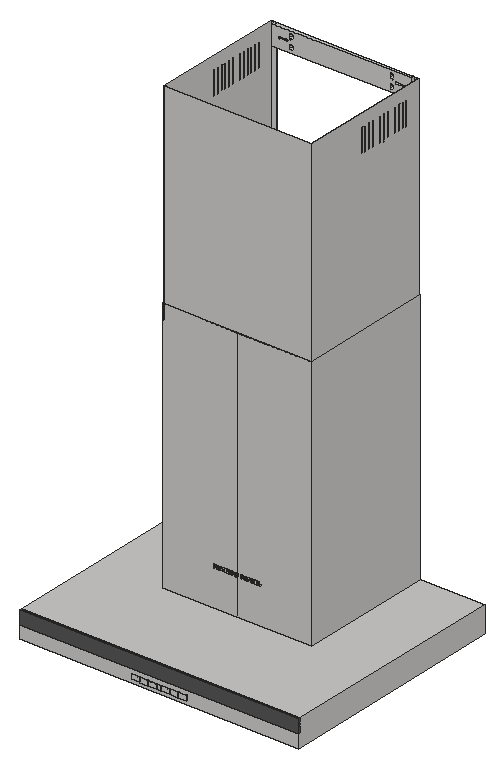
Revit family "FP_Revit_18_HC24DTXB2_N_Rangehood_90001869A", category Specialty Equipment, Revit 2018
Family settings
  Round Connector Dimension = Use Diameter
  Part Type = Normal
  OmniClass Number = 23.40.40.00
  OmniClass Title = Food Service Equipment and Furnishings
  Work Plane-Based = No
  Always vertical = Yes
  Cut with Voids When Loaded = Yes
  Shared = No
  Room Calculation Point = No
Parameters
  Visibility - Upper Chimney Extension [instance] = yes
  URL = "www.fisherpaykel.com"
  Product - Width = 598 mm  # constant formula
  Product - Height (635mm - 1022mm) Ducted [instance] = 1022 mm
  Product - Depth = 500 mm  # constant formula
  Model = "HC24DTXB2_N"
  Material - Display Panel = Fisher & Paykel - Glass, Black
  Material - Body = Fisher & Paykel - Stainless Steel
  Manufacturer = "Fisher & Paykel Appliances"
  FFL Offset [instance] = 1565 mm
  Description = "24\" Rangehood"
  Connector Description - Extraction = "6” (152 mm) diameter, rigid or semi-rigid ducting, 600 CFM"
  Connector Description - Electrical = "120 V, 60 Hz, 543 W"
  Chassis - Width = 320 mm  # constant formula
  Chassis - Height = 604 mm  # constant formula
  Chassis - Depth = 291 mm  # constant formula
Reference planes
  plane 1 "Datum": y = 0
  plane 2: z = 0
  plane 3 "Center (Left/Right)": x = 0
  plane 4 "Product LHS": x = -299
  plane 5 "Product RHS": x = 299
  plane 6 "Product - Depth": y = -500
  plane 7 "Cavity LHS": x = -160
  plane 8 "Cavity RHS": x = 160
  plane 9 "Chassis - Depth": y = -291
  plane 10 "FFL Offset": z = 1565
  plane 11 "Product - Height": z = 2587
Forms (mm)
  Extrusion 1, solid, material "Fisher & Paykel - Stainless Steel" <- "Material - Body"
    sketch origin (0, 0, 0) x (1, 0, 0) y (0, 1, 0)
      loop
        line (-145, 0) -> (-160, 0) -> (-160, -291) -> (0, -291) -> (160, -291) -> (160, 0) -> (145, 0) -> (145, -1) -> (159, -1) -> (159, -290) -> (-159, -290) -> (-159, -1) -> (-145, -1) -> (-145, 0)
    from 1621 to 2169
  Extrusion 2, solid, material "Fisher & Paykel - Stainless Steel" <- "Material - Body", visible <- "Visibility - Upper Chimney Extension"
    sketch origin (0, 0, 0) x (1, 0, 0) y (0, 1, 0)
      loop
        line (-158, -3) -> (-145, -3) -> (-145, -2) -> (-159, -2) -> (-159, -290) -> (159, -290) -> (159, -2) -> (145, -2) -> (145, -3) -> (158, -3) -> (158, -289.044) -> (-158, -289.044) -> (-158, -3)
    from 2136 to 2587
  Extrusion 3, solid, material "Fisher & Paykel - Stainless Steel" <- "Material - Body"
    sketch origin (0, 0, 0) x (1, 0, 0) y (0, 1, 0)
      loop
        line (-299, 0) -> (-299, -500) -> (299, -500) -> (299, 0) -> (-299, 0)
    from 1565 to 1621
  Extrusion 4, void
    sketch origin (0, 0, 0) x (0, 1, 0) y (0, 0, 1)
      loop
        line (-500, 1621) -> (-500, 1592.5) -> (-495, 1592.5) -> (-495, 1621) -> (-500, 1621)
    from -299 to 299
  Extrusion 5, solid, material "Fisher & Paykel - Glass, Black" <- "Material - Display Panel", detail levels fine
    sketch origin (0, 0, 1000) x (0, 1, 0) y (0, 0, 1)
      loop
        line (-495, 592.5) -> (-495, 621) -> (-500, 621) -> (-500, 592.5) -> (-495, 592.5)
    from -299 to 299
  Extrusion 6, solid, material "Fisher & Paykel - Stainless Steel" <- "Material - Body"
    sketch origin (0, 0, 0) x (1, 0, 0) y (0, 1, 0)
      loop
        line (159, -1) -> (-159, -1) -> (-159, -290) -> (159, -290) -> (159, -1)
    from 1621 to 1844.3
  Extrusion 7, solid, material "Fisher & Paykel - Stainless Steel" <- "Material - Body"
    sketch origin (0, 0, 0) x (1, 0, 0) y (0, 1, 0)
      loop
        circle (0, -83.502) r 73.896
      loop
        circle (0, -83.502) r 75.04
    from 1844.3 to 1921.3
  Extrusion 8, solid, material "Fisher & Paykel - Stainless Steel" <- "Material - Body"
    sketch origin (0, 0, 0) x (1, 0, 0) y (0, 0, 1)
      loop
        line (-145, 1857) -> (-145, 1833) -> (145, 1833) -> (145, 1857) -> (-145, 1857)
      loop
        line (-127.5, 1848) -> (-127.5, 1846.33)
        arc (-127.5, 1846.33) -> (-125, 1837) -> (-122.5, 1846.33) r 5
        line (-122.5, 1846.33) -> (-122.5, 1848)
        arc (-122.5, 1848) -> (-125, 1850.5) -> (-127.5, 1848) r 2.5
      loop
        line (122.5, 1848) -> (122.5, 1846.33)
        arc (122.5, 1846.33) -> (125, 1837) -> (127.5, 1846.33) r 5
        line (127.5, 1846.33) -> (127.5, 1848)
        arc (127.5, 1848) -> (125, 1850.5) -> (122.5, 1848) r 2.5
    from 0 to 2
  Extrusion 9, solid, material "Fisher & Paykel - Stainless Steel" <- "Material - Body", visible <- "Visibility - Upper Chimney Extension"
    sketch origin (0, 0, 0) x (1, 0, 0) y (0, 0, 1)
      loop
        line (-150, 2544.811) -> (150, 2544.811) -> (150, 2587) -> (-150, 2587) -> (-150, 2544.811)
      loop
        line (104, 2578.5) -> (104, 2574.5)
        arc (104, 2574.5) -> (108, 2570.5) -> (112, 2574.5) r 4
        line (112, 2574.5) -> (112, 2578.5)
        arc (112, 2578.5) -> (108, 2582.5) -> (104, 2578.5) r 4
      loop
        arc (112, 2557.5) -> (108, 2561.5) -> (104, 2557.5) r 4
        line (104, 2557.5) -> (104, 2552.794)
        arc (104, 2552.794) -> (108, 2549.544) -> (112, 2552.794) r 4.087
        line (112, 2552.794) -> (112, 2557.5)
      loop
        arc (117.5, 2568.5) -> (115, 2566) -> (117.5, 2563.5) r 2.5
        line (117.5, 2563.5) -> (132.5, 2563.5)
        arc (132.5, 2563.5) -> (135, 2566) -> (132.5, 2568.5) r 2.5
        line (132.5, 2568.5) -> (117.5, 2568.5)
      loop
        arc (-104, 2578.5) -> (-108, 2582.5) -> (-112, 2578.5) r 4
        line (-112, 2578.5) -> (-112, 2574.5)
        arc (-112, 2574.5) -> (-108, 2570.5) -> (-104, 2574.5) r 4
        line (-104, 2574.5) -> (-104, 2578.5)
      loop
        line (-112, 2557.5) -> (-112, 2552.794)
        arc (-112, 2552.794) -> (-108, 2549.544) -> (-104, 2552.794) r 4.087
        line (-104, 2552.794) -> (-104, 2557.5)
        arc (-104, 2557.5) -> (-108, 2561.5) -> (-112, 2557.5) r 4
      loop
        line (-117.5, 2568.5) -> (-132.5, 2568.5)
        arc (-132.5, 2568.5) -> (-135, 2566) -> (-132.5, 2563.5) r 2.5
        line (-132.5, 2563.5) -> (-117.5, 2563.5)
        arc (-117.5, 2563.5) -> (-115, 2566) -> (-117.5, 2568.5) r 2.5
    from 3 to 9
  Extrusion 10, void
    sketch origin (0, 0, 0) x (0, 1, 0) y (0, 0, 1)
      loop
        line (-158, 2559.5) -> (-158, 2509.5)
        arc (-158, 2509.5) -> (-155.5, 2507) -> (-153, 2509.5) r 2.5
        line (-153, 2509.5) -> (-153, 2559.5)
        arc (-153, 2559.5) -> (-155.5, 2562) -> (-158, 2559.5) r 2.5
      loop
        line (-148, 2559.5) -> (-148, 2509.5)
        arc (-148, 2509.5) -> (-145.5, 2507) -> (-143, 2509.5) r 2.5
        line (-143, 2509.5) -> (-143, 2559.5)
        arc (-143, 2559.5) -> (-145.5, 2562) -> (-148, 2559.5) r 2.5
      loop
        line (-138, 2559.5) -> (-138, 2509.5)
        arc (-138, 2509.5) -> (-135.5, 2507) -> (-133, 2509.5) r 2.5
        line (-133, 2509.5) -> (-133, 2559.5)
        arc (-133, 2559.5) -> (-135.5, 2562) -> (-138, 2559.5) r 2.5
      loop
        line (-128, 2559.5) -> (-128, 2509.5)
        arc (-128, 2509.5) -> (-125.5, 2507) -> (-123, 2509.5) r 2.5
        line (-123, 2509.5) -> (-123, 2559.5)
        arc (-123, 2559.5) -> (-125.5, 2562) -> (-128, 2559.5) r 2.5
      loop
        line (-118, 2559.5) -> (-118, 2509.5)
        arc (-118, 2509.5) -> (-115.5, 2507) -> (-113, 2509.5) r 2.5
        line (-113, 2509.5) -> (-113, 2559.5)
        arc (-113, 2559.5) -> (-115.5, 2562) -> (-118, 2559.5) r 2.5
      loop
        line (-108, 2559.5) -> (-108, 2509.5)
        arc (-108, 2509.5) -> (-105.5, 2507) -> (-103, 2509.5) r 2.5
        line (-103, 2509.5) -> (-103, 2559.5)
        arc (-103, 2559.5) -> (-105.5, 2562) -> (-108, 2559.5) r 2.5
      loop
        line (-98, 2559.5) -> (-98, 2509.5)
        arc (-98, 2509.5) -> (-95.5, 2507) -> (-93, 2509.5) r 2.5
        line (-93, 2509.5) -> (-93, 2559.5)
        arc (-93, 2559.5) -> (-95.5, 2562) -> (-98, 2559.5) r 2.5
      loop
        line (-88, 2559.5) -> (-88, 2509.5)
        arc (-88, 2509.5) -> (-85.5, 2507) -> (-83, 2509.5) r 2.5
        line (-83, 2509.5) -> (-83, 2559.5)
        arc (-83, 2559.5) -> (-85.5, 2562) -> (-88, 2559.5) r 2.5
      loop
        line (-78, 2559.5) -> (-78, 2509.5)
        arc (-78, 2509.5) -> (-75.5, 2507) -> (-73, 2509.5) r 2.5
        line (-73, 2509.5) -> (-73, 2559.5)
        arc (-73, 2559.5) -> (-75.5, 2562) -> (-78, 2559.5) r 2.5
      loop
        line (-68, 2559.5) -> (-68, 2509.5)
        arc (-68, 2509.5) -> (-65.5, 2507) -> (-63, 2509.5) r 2.5
        line (-63, 2509.5) -> (-63, 2559.5)
        arc (-63, 2559.5) -> (-65.5, 2562) -> (-68, 2559.5) r 2.5
      loop
        line (-58, 2559.5) -> (-58, 2509.5)
        arc (-58, 2509.5) -> (-55.5, 2507) -> (-53, 2509.5) r 2.5
        line (-53, 2509.5) -> (-53, 2559.5)
        arc (-53, 2559.5) -> (-55.5, 2562) -> (-58, 2559.5) r 2.5
      loop
        line (-48, 2559.5) -> (-48, 2509.5)
        arc (-48, 2509.5) -> (-45.5, 2507) -> (-43, 2509.5) r 2.5
        line (-43, 2509.5) -> (-43, 2559.5)
        arc (-43, 2559.5) -> (-45.5, 2562) -> (-48, 2559.5) r 2.5
      loop
        line (-38, 2559.5) -> (-38, 2509.5)
        arc (-38, 2509.5) -> (-35.5, 2507) -> (-33, 2509.5) r 2.5
        line (-33, 2509.5) -> (-33, 2559.5)
        arc (-33, 2559.5) -> (-35.5, 2562) -> (-38, 2559.5) r 2.5
    from -159 to 159
  Extrusion 11, solid, material "Fisher & Paykel - Stainless Steel" <- "Material - Body", detail levels fine
    sketch origin (0, 0, 1000) x (1, 0, 0) y (0, 0, 1)
      loop
        line (-59, 583) -> (-59, 573) -> (-41.5, 573) -> (-41.5, 583) -> (-59, 583)
      loop
        line (-41, 583) -> (-41, 573) -> (-23.5, 573) -> (-23.5, 583) -> (-41, 583)
      loop
        line (-23, 583) -> (-23, 573) -> (-5.5, 573) -> (-5.5, 583) -> (-23, 583)
      loop
        line (-5, 583) -> (-5, 573) -> (5, 573) -> (5, 583) -> (-5, 583)
      loop
        line (59, 583) -> (41.5, 583) -> (41.5, 573) -> (59, 573) -> (59, 583)
      loop
        line (41, 583) -> (23.5, 583) -> (23.5, 573) -> (41, 573) -> (41, 583)
      loop
        line (23, 583) -> (5.5, 583) -> (5.5, 573) -> (23, 573) -> (23, 583)
    from 500 to 501
  Extrusion 12, solid, material "Fisher & Paykel - Stainless Steel" <- "Material - Body"
    sketch origin (0, 0, 0) x (1, 0, 0) y (0, 0, 1)
      loop
        line (145, 2131) -> (-145, 2131) -> (-145, 2091) -> (145, 2091) -> (145, 2131)
      loop
        line (125, 2113.5) -> (110, 2113.5)
        arc (110, 2113.5) -> (107.5, 2111) -> (110, 2108.5) r 2.5
        line (110, 2108.5) -> (125, 2108.5)
        arc (125, 2108.5) -> (127.5, 2111) -> (125, 2113.5) r 2.5
      loop
        arc (-125, 2113.5) -> (-127.5, 2111) -> (-125, 2108.5) r 2.5
        line (-125, 2108.5) -> (-110, 2108.5)
        arc (-110, 2108.5) -> (-107.5, 2111) -> (-110, 2113.5) r 2.5
        line (-110, 2113.5) -> (-125, 2113.5)
    from 2 to 9
  Extrusion 13, solid, material "Fisher & Paykel - Stainless Steel" <- "Material - Body"
    sketch origin (0, 0, 0) x (1, 0, 0) y (0, 0, 1)
      loop
        line (107.5, 1844.3) -> (108.5, 1844.3) -> (108.5, 1970.3) -> (66.5, 1970.3) -> (66.5, 1880.3) -> (107.5, 1880.3) -> (107.5, 1844.3)
    from 126.369 to 163.604
  Extrusion 14, solid, material "Fisher & Paykel - Stainless Steel" <- "Material - Body"
    sketch origin (0, 0, 0) x (1, 0, 0) y (0, 1, 0)
      loop
        circle (87.5, -146) r 6.01
      loop
        circle (87.5, -146) r 12.005
    from 1970.3 to 1972.3
  Extrusion 15, void
    sketch origin (0, 0, 0) x (1, 0, 0) y (0, 1, 0)
      loop
        line (-259, -402) -> (261, -402) -> (261, -80) -> (-259, -80) -> (-259, -402)
      loop
        circle (-133, -48) r 25
      loop
        circle (133, -48) r 25
    from 1565 to 1574
  Extrusion 16, solid, material "Fisher & Paykel - Stainless Steel" <- "Material - Body", detail levels fine
    sketch origin (0, 0, 0) x (1, 0, 0) y (0, 1, 0)
      loop
        line (259, -81.5) -> (0.5, -81.5) -> (0.5, -400.5) -> (259, -400.5) -> (259, -81.5)
      loop
        line (11.5, -390) -> (111.5, -390) -> (111.5, -346.5) -> (148.5, -346.5) -> (148.5, -390) -> (248.5, -390) -> (248.5, -92) -> (11.5, -92) -> (11.5, -390)
      loop
        line (140.5, -352.5) -> (119.5, -352.5) -> (119.5, -390) -> (140.5, -390) -> (140.5, -352.5)
      loop
        line (-259, -81.5) -> (-259, -400.5) -> (-0.5, -400.5) -> (-0.5, -81.5) -> (-259, -81.5)
      loop
        line (-11.5, -390) -> (-11.5, -92) -> (-248.5, -92) -> (-248.5, -390) -> (-148.5, -390) -> (-148.5, -346.5) -> (-111.5, -346.5) -> (-111.5, -390) -> (-11.5, -390)
      loop
        line (-140.5, -352.5) -> (-140.5, -390) -> (-119.5, -390) -> (-119.5, -352.5) -> (-140.5, -352.5)
    from 1565 to 1574
  Extrusion 17, solid, material "Fisher & Paykel - Aluminium", detail levels medium+fine
    sketch origin (0, 0, 0) x (1, 0, 0) y (0, 1, 0)
      loop
        line (248.5, -92) -> (11.5, -92) -> (11.5, -390) -> (111.5, -390) -> (111.5, -346.5) -> (148.5, -346.5) -> (148.5, -390) -> (248.5, -390) -> (248.5, -92)
      loop
        line (-248.5, -92) -> (-248.5, -390) -> (-148.5, -390) -> (-148.5, -346.5) -> (-111.5, -346.5) -> (-111.5, -390) -> (-11.5, -390) -> (-11.5, -92) -> (-248.5, -92)
    from 1565 to 1574
  Extrusion 18, solid, material "Fisher & Paykel - Bezel White", detail levels fine
    sketch origin (0, 0, 0) x (1, 0, 0) y (0, 1, 0)
      loop
        circle (-133, -48) r 22
      loop
        circle (133, -48) r 22
    from 1565 to 1574
  Extrusion 19, void
    sketch origin (0, 0, 0) x (1, 0, 0) y (0, 0, 1)
      loop
        circle (167, 1588) r 2.5
      loop
        circle (151.014, 2092) r 3.5
      loop
        circle (-167, 1588) r 2.5
      loop
        circle (-151.014, 2092) r 3.5
    from 0 to 7
  Extrusion 20, solid, material "Fisher & Paykel - Stainless Steel" <- "Material - Body", detail levels fine
    sketch origin (0, 0, 0) x (1, 0, 0) y (0, 1, 0)
      loop
        circle (-133, -48) r 25
      loop
        circle (-133, -48) r 22
      loop
        circle (133, -48) r 25
      loop
        circle (133, -48) r 22
    from 1565 to 1574
Cuts and joins
  Extrusion 4, Extrusion 15, Extrusion 19 cuts Extrusion 3
  Extrusion 10 cuts Extrusion 2
  Extrusion 19 cuts Extrusion 1
Text (mm)
  text "Due to ongoing product development, product details are subject to change without notice. \nPlease always refer to www.fisherpaykel.com for the most current product information. \n© Fisher & Paykel 2020" at (41.04, -1225.549, 0), in view "Ref. Level (Plan)"
Dimensions and locks
  equal spacing: plane 4 "Product LHS", plane 3 "Center (Left/Right)", plane 5 "Product RHS"
  "Product - Width": plane 4 "Product LHS" to plane 5 "Product RHS"
  equal spacing: plane 7 "Cavity LHS", plane 3 "Center (Left/Right)", plane 8 "Cavity RHS"
  "Chassis - Width": plane 7 "Cavity LHS" to plane 8 "Cavity RHS"
  locked: Extrusion 1 sketch curve to Extrusion 1 sketch curve at 1  (x3)
  locked: Extrusion 2 to Extrusion 2 at 451
  "Product - Depth": plane 6 "Product - Depth" to plane 1 "Datum"
  "FFL Offset": plane 10 "FFL Offset" to level
  "Chassis - Height": Extrusion 1 to plane 10 "FFL Offset"
  locked: Extrusion 7 to plane 10 "FFL Offset" at 356.3
  locked: cut or joined group of Extrusion 3, Extrusion 4, Extrusion 15, Extrusion 19 to plane 10 "FFL Offset" at 56
  cut or joined group of Extrusion 3, Extrusion 4, Extrusion 15, Extrusion 19 to Extrusion 13 sketch curve = 259.3 mm
  cut or joined group of Extrusion 3, Extrusion 4, Extrusion 15, Extrusion 19 to Extrusion 13 sketch curve = 349.3 mm
  locked: cut or joined group of Extrusion 3, Extrusion 4, Extrusion 15, Extrusion 19 to plane 10 "FFL Offset" at 9
  locked: Extrusion 14 to plane 10 "FFL Offset" at 407.3
  locked: Extrusion 5 to plane 10 "FFL Offset" at 27.5
  locked: plane 10 "FFL Offset" to nested 1 at 134.155
  locked: Extrusion 11 to plane 10 "FFL Offset" at 8
  locked: Extrusion 11 to plane 10 "FFL Offset" at 18
  locked: plane 10 "FFL Offset" to cut or joined group of Extrusion 3, Extrusion 4, Extrusion 15, Extrusion 19 at 23
  locked: plane 10 "FFL Offset" to cut or joined group of Extrusion 1, Extrusion 19 at 527
  locked: Extrusion 6 to plane 10 "FFL Offset" at 279.3
  locked: Extrusion 13 to plane 10 "FFL Offset" at 405.3
  locked: plane 10 "FFL Offset" to Extrusion 12 at 526
  locked: plane 10 "FFL Offset" to Extrusion 12 at 566
  "Product - Height (635mm - 1022mm) Ducted": plane 11 "Product - Height" to plane 10 "FFL Offset"
  locked: plane 11 "Product - Height" to Extrusion 10 sketch curve at 27.5
  locked: plane 11 "Product - Height" to Extrusion 10 sketch curve at 77.5
  locked: Extrusion 9 sketch curve to plane 11 "Product - Height" at 42.189
  locked: Extrusion 9 sketch curve to plane 11 "Product - Height" at 21
  "Chassis - Depth": plane 1 "Datum" to plane 9 "Chassis - Depth"
  aligned and locked: level to plane 2
  aligned and locked: Extrusion 1 sketch curve to plane 7 "Cavity LHS"
  aligned and locked: plane 8 "Cavity RHS" to Extrusion 1 sketch curve
  aligned and locked: plane 1 "Datum" to Extrusion 1 sketch curve  (x2)
  aligned and locked: plane 9 "Chassis - Depth" to Extrusion 1 sketch curve
  aligned and locked: plane 5 "Product RHS" to Extrusion 3 sketch curve
  aligned and locked: plane 1 "Datum" to Extrusion 3 sketch curve
  aligned and locked: Extrusion 3 sketch curve to plane 4 "Product LHS"
  aligned and locked: plane 6 "Product - Depth" to Extrusion 3 sketch curve
  aligned and locked: plane 6 "Product - Depth" to Extrusion 4 sketch curve
  aligned and locked: Extrusion 4 sketch curve to cut or joined group of Extrusion 3, Extrusion 4, Extrusion 15, Extrusion 19
  aligned and locked: Extrusion 4 to plane 5 "Product RHS"
  aligned and locked: plane 4 "Product LHS" to Extrusion 4
  aligned and locked: cut or joined group of Extrusion 3, Extrusion 4, Extrusion 15, Extrusion 19 to Extrusion 5
  aligned and locked: Extrusion 5 to cut or joined group of Extrusion 3, Extrusion 4, Extrusion 15, Extrusion 19
  aligned and locked: Extrusion 1 to Extrusion 6
  aligned and locked: Extrusion 7 to Extrusion 6
  aligned and locked: Extrusion 10 to Extrusion 1  (x2)
  aligned and locked: plane 6 "Product - Depth" to Extrusion 11
  aligned and locked: Extrusion 9 sketch curve to Extrusion 9 sketch curve
  aligned and locked: Extrusion 3 to plane 10 "FFL Offset"
  aligned and locked: Extrusion 6 to cut or joined group of Extrusion 3, Extrusion 4, Extrusion 15, Extrusion 19
  aligned and locked: Extrusion 13 sketch curve to Extrusion 6
  aligned and locked: Extrusion 3 to Extrusion 15
  aligned and locked: cut or joined group of Extrusion 3, Extrusion 4, Extrusion 15, Extrusion 19 to Extrusion 16  (x2)
  aligned and locked: cut or joined group of Extrusion 3, Extrusion 4, Extrusion 15, Extrusion 19 to Extrusion 17  (x2)
  aligned and locked: Extrusion 18 to Extrusion 17
  aligned and locked: cut or joined group of Extrusion 3, Extrusion 4, Extrusion 15, Extrusion 19 to Extrusion 18
  aligned and locked: Extrusion 4 to Extrusion 5
  aligned and locked: Extrusion 1 to Extrusion 5
  aligned and locked: plane 11 "Product - Height" to Extrusion 9
  aligned and locked: plane 11 "Product - Height" to cut or joined group of Extrusion 2, Extrusion 10
  aligned and locked: plane 11 "Product - Height" to Extrusion 9 sketch curve
  aligned and locked: Extrusion 14 to Extrusion 13
  aligned and locked: Extrusion 20 to cut or joined group of Extrusion 3, Extrusion 4, Extrusion 15, Extrusion 19
  aligned and locked: Extrusion 20 to plane 10 "FFL Offset"
Automatic sketch dimensions
  Extrusion 1 sketch curve to plane 3 "Center (Left/Right)" = 0 mm
  plane 1 "Datum" to Extrusion 1 sketch curve = 1 mm  (x2)
  Extrusion 1 sketch curve to Extrusion 1 sketch curve = 14 mm
  plane 8 "Cavity RHS" to Extrusion 1 sketch curve = 15 mm
  plane 6 "Product - Depth" to Extrusion 4 sketch curve = 5 mm
  level to Extrusion 4 sketch curve = 1592.5 mm
  Extrusion 5 sketch curve to Extrusion 5 sketch curve = 28.5 mm
  Extrusion 6 sketch curve to plane 7 "Cavity LHS" = 1 mm
  plane 8 "Cavity RHS" to Extrusion 6 sketch curve = 1 mm
  plane 9 "Chassis - Depth" to Extrusion 6 sketch curve = 1 mm
  plane 1 "Datum" to Extrusion 6 sketch curve = 1 mm
  Extrusion 7 sketch curve to Extrusion 7 sketch curve = 0 mm  (x2)
  Extrusion 7 sketch curve to plane 3 "Center (Left/Right)" = 0 mm
  plane 1 "Datum" to Extrusion 7 sketch curve = 83.502 mm
  Extrusion 2 sketch curve to plane 7 "Cavity LHS" = 1 mm
  Extrusion 2 sketch curve to Extrusion 2 sketch curve = 1 mm  (x3)
  plane 1 "Datum" to Extrusion 2 sketch curve = 3 mm  (x2)
  Extrusion 2 sketch curve to Extrusion 2 sketch curve = 13 mm
  plane 8 "Cavity RHS" to Extrusion 2 sketch curve = 15 mm
  plane 8 "Cavity RHS" to Extrusion 2 sketch curve = 2 mm
  plane 8 "Cavity RHS" to Extrusion 2 sketch curve = 1 mm
  plane 9 "Chassis - Depth" to Extrusion 2 sketch curve = 1.956 mm
  plane 9 "Chassis - Depth" to Extrusion 2 sketch curve = 1 mm
  Extrusion 8 sketch curve to plane 7 "Cavity LHS" = 15 mm
  Extrusion 8 sketch curve to Extrusion 8 sketch curve = 17.5 mm
  Extrusion 8 sketch curve to Extrusion 8 sketch curve = 2.5 mm  (x4)
  plane 8 "Cavity RHS" to Extrusion 8 sketch curve = 37.5 mm
  plane 8 "Cavity RHS" to Extrusion 8 sketch curve = 15 mm
  Extrusion 8 sketch curve to Extrusion 8 sketch curve = 9 mm  (x3)
  Extrusion 8 sketch curve to Extrusion 8 sketch curve = 4.33 mm  (x2)
  Extrusion 8 sketch curve to Extrusion 8 sketch curve = 1.67 mm  (x2)
  plane 1 "Datum" to Extrusion 10 sketch curve = 158 mm
  Extrusion 10 sketch curve to Extrusion 10 sketch curve = 2.5 mm  (x13)
  Extrusion 10 sketch curve to Extrusion 10 sketch curve = 5 mm  (x12)
  Extrusion 10 sketch curve to Extrusion 10 sketch curve = 0 mm  (x24)
  Extrusion 11 sketch curve to Extrusion 11 sketch curve = 17.5 mm  (x6)
  Extrusion 11 sketch curve to Extrusion 11 sketch curve = 0.5 mm  (x6)
  Extrusion 11 sketch curve to Extrusion 11 sketch curve = 0 mm  (x10)
  Extrusion 11 sketch curve to Extrusion 11 sketch curve = 10 mm  (x4)
  Extrusion 14 sketch curve to Extrusion 14 sketch curve = 0 mm  (x2)
  plane 8 "Cavity RHS" to Extrusion 14 sketch curve = 72.5 mm
  plane 1 "Datum" to Extrusion 14 sketch curve = 146 mm
  plane 3 "Center (Left/Right)" to Extrusion 13 sketch curve = 66.5 mm
  Extrusion 13 sketch curve to Extrusion 13 sketch curve = 41 mm
  Extrusion 13 sketch curve to Extrusion 13 sketch curve = 1 mm
  Extrusion 5 sketch curve to Extrusion 5 sketch curve = 5 mm
  Extrusion 5 sketch curve to plane 6 "Product - Depth" = 0 mm
  plane 10 "FFL Offset" to Extrusion 5 sketch curve = 27.5 mm
  plane 10 "FFL Offset" to Extrusion 11 sketch curve = 8 mm
  Extrusion 11 sketch curve to plane 3 "Center (Left/Right)" = 59 mm
  plane 10 "FFL Offset" to Extrusion 8 sketch curve = 268 mm
  plane 10 "FFL Offset" to Extrusion 19 sketch curve = 23 mm  (x2)
  Extrusion 19 sketch curve to plane 4 "Product LHS" = 132 mm
  Extrusion 19 sketch curve to plane 7 "Cavity LHS" = 8.986 mm
  plane 8 "Cavity RHS" to Extrusion 19 sketch curve = 8.986 mm
  plane 5 "Product RHS" to Extrusion 19 sketch curve = 132 mm
  Extrusion 19 sketch curve to Extrusion 19 sketch curve = 0 mm
  plane 10 "FFL Offset" to Extrusion 19 sketch curve = 527 mm
  Extrusion 9 sketch curve to plane 7 "Cavity LHS" = 10 mm
  Extrusion 9 sketch curve to Extrusion 9 sketch curve = 17.5 mm
  Extrusion 9 sketch curve to Extrusion 9 sketch curve = 15 mm  (x2)
  Extrusion 9 sketch curve to Extrusion 9 sketch curve = 5.5 mm  (x3)
  Extrusion 9 sketch curve to Extrusion 9 sketch curve = 4 mm  (x6)
  Extrusion 9 sketch curve to Extrusion 9 sketch curve = 0 mm  (x3)
  Extrusion 9 sketch curve to plane 11 "Product - Height" = 8.5 mm
  plane 8 "Cavity RHS" to Extrusion 9 sketch curve = 56 mm
  plane 8 "Cavity RHS" to Extrusion 9 sketch curve = 10 mm
  Extrusion 9 sketch curve to Extrusion 9 sketch curve = 6 mm  (x4)
  Extrusion 9 sketch curve to Extrusion 9 sketch curve = 2.5 mm
  Extrusion 9 sketch curve to Extrusion 9 sketch curve = 3.87 mm  (x2)
  Extrusion 9 sketch curve to Extrusion 9 sketch curve = 0.837 mm  (x2)
  plane 7 "Cavity LHS" to Extrusion 16 sketch curve = 99 mm
  Extrusion 16 sketch curve to Extrusion 16 sketch curve = 10.5 mm  (x6)
  Extrusion 16 sketch curve to plane 7 "Cavity LHS" = 11.5 mm
  Extrusion 16 sketch curve to Extrusion 16 sketch curve = 8 mm  (x4)
  Extrusion 16 sketch curve to Extrusion 16 sketch curve = 21 mm
  Extrusion 16 sketch curve to plane 3 "Center (Left/Right)" = 11.5 mm
  Extrusion 16 sketch curve to plane 3 "Center (Left/Right)" = 0.5 mm
  plane 3 "Center (Left/Right)" to Extrusion 16 sketch curve = 0.5 mm
  plane 3 "Center (Left/Right)" to Extrusion 16 sketch curve = 11.5 mm
  plane 8 "Cavity RHS" to Extrusion 16 sketch curve = 48.5 mm
  plane 8 "Cavity RHS" to Extrusion 16 sketch curve = 19.5 mm
  Extrusion 16 sketch curve to plane 8 "Cavity RHS" = 88.5 mm
  plane 6 "Product - Depth" to Extrusion 16 sketch curve = 99.5 mm  (x2)
  Extrusion 16 sketch curve to plane 9 "Chassis - Depth" = 99 mm
  Extrusion 16 sketch curve to Extrusion 16 sketch curve = 0 mm  (x4)
  Extrusion 16 sketch curve to Extrusion 16 sketch curve = 37.5 mm  (x2)
  Extrusion 16 sketch curve to Extrusion 16 sketch curve = 6 mm  (x2)
  plane 1 "Datum" to Extrusion 16 sketch curve = 92 mm
  Extrusion 20 sketch curve to Extrusion 20 sketch curve = 0 mm  (x5)
  Extrusion 20 sketch curve to plane 7 "Cavity LHS" = 27 mm
  plane 1 "Datum" to Extrusion 20 sketch curve = 48 mm  (x2)
  plane 8 "Cavity RHS" to Extrusion 20 sketch curve = 27 mm
  Extrusion 18 sketch curve to plane 7 "Cavity LHS" = 27 mm
  plane 8 "Cavity RHS" to Extrusion 18 sketch curve = 27 mm
  plane 1 "Datum" to Extrusion 18 sketch curve = 48 mm  (x2)
  plane 7 "Cavity LHS" to Extrusion 15 sketch curve = 99 mm
  Extrusion 15 sketch curve to plane 7 "Cavity LHS" = 27 mm
  plane 8 "Cavity RHS" to Extrusion 15 sketch curve = 27 mm
  Extrusion 15 sketch curve to plane 8 "Cavity RHS" = 101 mm
  plane 6 "Product - Depth" to Extrusion 15 sketch curve = 98 mm
  plane 1 "Datum" to Extrusion 15 sketch curve = 80 mm
  plane 1 "Datum" to Extrusion 15 sketch curve = 48 mm  (x2)
  plane 7 "Cavity LHS" to Extrusion 17 sketch curve = 88.5 mm
  Extrusion 17 sketch curve to plane 7 "Cavity LHS" = 11.5 mm
  Extrusion 17 sketch curve to Extrusion 17 sketch curve = 37 mm
  Extrusion 17 sketch curve to plane 3 "Center (Left/Right)" = 11.5 mm
  plane 3 "Center (Left/Right)" to Extrusion 17 sketch curve = 11.5 mm
  plane 8 "Cavity RHS" to Extrusion 17 sketch curve = 48.5 mm
  plane 8 "Cavity RHS" to Extrusion 17 sketch curve = 11.5 mm
  Extrusion 17 sketch curve to plane 8 "Cavity RHS" = 88.5 mm
  Extrusion 17 sketch curve to plane 9 "Chassis - Depth" = 99 mm  (x2)
  Extrusion 17 sketch curve to Extrusion 17 sketch curve = 0 mm  (x2)
  Extrusion 17 sketch curve to Extrusion 17 sketch curve = 43.5 mm  (x2)
  plane 1 "Datum" to Extrusion 17 sketch curve = 92 mm  (x2)
  Extrusion 12 sketch curve to plane 7 "Cavity LHS" = 15 mm
  Extrusion 12 sketch curve to Extrusion 12 sketch curve = 20 mm
  Extrusion 12 sketch curve to Extrusion 12 sketch curve = 15 mm  (x2)
  plane 8 "Cavity RHS" to Extrusion 12 sketch curve = 50 mm
  plane 8 "Cavity RHS" to Extrusion 12 sketch curve = 15 mm
  Extrusion 12 sketch curve to plane 11 "Product - Height" = 496 mm
  Extrusion 12 sketch curve to Extrusion 12 sketch curve = 17.5 mm  (x3)
  Extrusion 12 sketch curve to Extrusion 12 sketch curve = 2.5 mm  (x2)
  radius of Extrusion 7 sketch curve = 73.896 mm
  radius of Extrusion 7 sketch curve = 75.04 mm
  radius of Extrusion 14 sketch curve = 6.01 mm
  radius of Extrusion 14 sketch curve = 12.005 mm
  radius of Extrusion 19 sketch curve = 2.5 mm  (x2)
  radius of Extrusion 19 sketch curve = 3.5 mm  (x2)
  radius of Extrusion 20 sketch curve = 25 mm  (x2)
  radius of Extrusion 20 sketch curve = 22 mm  (x2)
  radius of Extrusion 18 sketch curve = 22 mm  (x2)
  radius of Extrusion 15 sketch curve = 25 mm  (x2)
Nested families
  nested 1: "F&P Logo 100mm" at (0.236, -291, 1699.263), type "Grey"
Connectors
  hvac at (0, -83.502, 1921.3), driven by "Connector Description - Extraction"
    settings: on Extrusion 7, index 1, duct flow 0.0 L/s, flow factor 0, pres drop 0.0 Pa, loss coef 0, conn angle 0.00°, conn width 304.8 mm, conn height 304.8 mm, conn diameter 150 mm, duct sys type 3, conn prof type 0, flow config 0, flow direction 2, loss method 0, conn ref index -1, conn util no, is conn primary yes, conn desc "6” (152 mm) diameter, rigid or semi-rigid ducting, 600 CFM"
  electrical at (87.5, -146, 1972.3), driven by "Connector Description - Electrical"
    settings: on Extrusion 14, index 2, voltage 120 V, apparent load 0 VA, apparent load phase1 0 VA, apparent load phase2 0 VA, apparent load phase3 0 VA, power factor 1, load classification "Other", number of poles 1, system type 30, power factor state 1, is connector primary yes, connector utility no, sub classification motor no, connector description "120 V, 60 Hz, 543 W"
Definition of nested family "F&P Logo 100mm"
  Parameters (values of type "Chrome")
    URL = "www.fisherpaykel.com"
    Material - Logo = none
    Manufacturer = "Fisher & Paykel Appliances"
  Types (3): name
    (no name)
    Chrome
    Grey
  Reference planes
    plane 1 "Center (Front/Back)": y = 0
    plane 2: z = 0
    plane 3 "Center (Left/Right)": x = 0
  Forms (mm)
    Extrusion 1, solid, material <- "Material - Logo", detail levels fine
      sketch origin (0, 0, 0) x (1, 0, 0) y (0, 0, 1)
        loop
          line (-50.044, 0) -> (-48.47, 0) -> (-48.47, 2.138) -> (-46.011, 2.138) -> (-46.011, 3.472) -> (-48.47, 3.472) -> (-48.47, 4.712) -> (-45.795, 4.712) -> (-45.795, 6.04) -> (-50.044, 6.04) -> (-50.044, 0)
        loop
          line (-42.804, 6.04) -> (-42.804, 0) -> (-41.23, 0) -> (-41.23, 6.04) -> (-42.804, 6.04)
        loop
          line (-30.724, 6.04) -> (-30.724, 0) -> (-29.151, 0) -> (-29.151, 2.42) -> (-26.839, 2.42) -> (-26.839, 0) -> (-25.265, 0) -> (-25.265, 6.04) -> (-26.839, 6.04) -> (-26.839, 3.748) -> (-29.151, 3.748) -> (-29.151, 6.04) -> (-30.724, 6.04)
        loop
          line (-21.906, 6.04) -> (-21.906, 0) -> (-17.602, 0) -> (-17.602, 1.328) -> (-20.347, 1.328) -> (-20.347, 2.42) -> (-17.838, 2.42) -> (-17.838, 3.748) -> (-20.347, 3.748) -> (-20.347, 4.712) -> (-17.602, 4.712) -> (-17.602, 6.04) -> (-21.906, 6.04)
        loop
          line (45.667, 6.04) -> (45.667, 0) -> (49.956, 0) -> (49.956, 1.328) -> (47.241, 1.328) -> (47.241, 6.04) -> (45.667, 6.04)
        loop
          line (42.431, 6.04) -> (38.112, 6.04) -> (38.112, 0) -> (42.431, 0) -> (42.431, 1.328) -> (39.687, 1.328) -> (39.687, 2.42) -> (42.195, 2.42) -> (42.195, 3.748) -> (39.687, 3.748) -> (39.687, 4.712) -> (42.431, 4.712) -> (42.431, 6.04)
        loop
          line (33.451, 3.148) -> (35.683, 6.04) -> (33.844, 6.04) -> (31.915, 3.542) -> (31.915, 6.04) -> (30.342, 6.04) -> (30.342, 0) -> (31.915, 0) -> (31.915, 2.705) -> (33.903, 0) -> (35.763, 0) -> (33.451, 3.148)
        loop
          line (21.98, 6.04) -> (24.262, 2.42) -> (24.262, 0) -> (25.837, 0) -> (25.837, 2.341) -> (28.119, 6.04) -> (26.446, 6.04) -> (25.099, 3.707) -> (23.753, 6.04) -> (21.98, 6.04)
        loop
          line (18.479, 6.04) -> (16.983, 6.04) -> (14.524, 0) -> (16.069, 0) -> (16.501, 1.112) -> (18.921, 1.112) -> (19.354, 0) -> (20.938, 0) -> (18.479, 6.04)
        loop
          line (18.4, 2.439) -> (17.693, 4.174) -> (17.018, 2.439) -> (18.4, 2.439)
        loop
          line (8.031, 6.04) -> (8.031, 0) -> (9.605, 0) -> (9.605, 1.938) -> (10.599, 1.938)
          arc (10.599, 1.938) -> (12.65, 3.989) -> (10.599, 6.04) r 2.051
          line (10.599, 6.04) -> (8.031, 6.04)
        loop
          line (9.605, 4.712) -> (9.605, 3.197) -> (10.501, 3.197)
          arc (10.501, 3.197) -> (11.259, 3.954) -> (10.501, 4.712) r 0.757
          line (10.501, 4.712) -> (9.605, 4.712)
        loop
          line (-11.783, 6.04) -> (-14.366, 6.04) -> (-14.366, 0) -> (-12.792, 0) -> (-12.792, 1.336) -> (-11.992, 1.336) -> (-10.972, 0) -> (-9.153, 0) -> (-10.694, 1.973)
          arc (-10.694, 1.973) -> (-9.678, 4.424) -> (-11.783, 6.04) r 2.179
        loop
          line (-11.897, 4.712) -> (-12.792, 4.712) -> (-12.792, 3.053) -> (-11.897, 3.053)
          arc (-11.897, 3.053) -> (-11.068, 3.882) -> (-11.897, 4.712) r 0.83
        loop
          line (0.477, 4.712) -> (0.477, 6.153) -> (-3.575, 6.153) -> (-3.575, 4.851) -> (-2.974, 4.112)
          arc (-2.974, 4.112) -> (-3.51, 0.684) -> (-0.045, 0.512) r 2.334
          line (-0.045, 0.512) -> (0.46, -0.109) -> (2.246, -0.109) -> (0.86, 1.594) -> (2.061, 3.324) -> (0.443, 3.324) -> (-0.013, 2.667) -> (-1.677, 4.712) -> (0.477, 4.712)
        loop
          arc (-2.125, 3.068) -> (-2.269, 1.668) -> (-0.868, 1.524) r 0.996
          line (-0.868, 1.524) -> (-2.125, 3.068)
        loop
          line (-35.18, 3.634) -> (-36.516, 3.91)
          arc (-36.516, 3.91) -> (-37.049, 4.443) -> (-36.516, 4.976) r 0.533
          arc (-36.516, 4.976) -> (-35.235, 4.79) -> (-34.059, 4.248) r 4.505
          line (-34.059, 4.248) -> (-34.059, 5.743)
          arc (-34.059, 5.743) -> (-35.549, 6.179) -> (-37.1, 6.109) r 4.726
          arc (-37.1, 6.109) -> (-38.536, 4.335) -> (-37.1, 2.561) r 1.814
          line (-37.1, 2.561) -> (-35.754, 2.282)
          arc (-35.754, 2.282) -> (-35.221, 1.749) -> (-35.754, 1.216) r 0.533
          arc (-35.754, 1.216) -> (-37.035, 1.402) -> (-38.211, 1.945) r 4.505
          line (-38.211, 1.945) -> (-38.211, 0.449)
          arc (-38.211, 0.449) -> (-36.72, 0.013) -> (-35.169, 0.083) r 4.726
          arc (-35.169, 0.083) -> (-33.734, 1.863) -> (-35.18, 3.634) r 1.814
      from 0 to 0.8
  Dimensions and locks
    aligned and locked: level to plane 2
